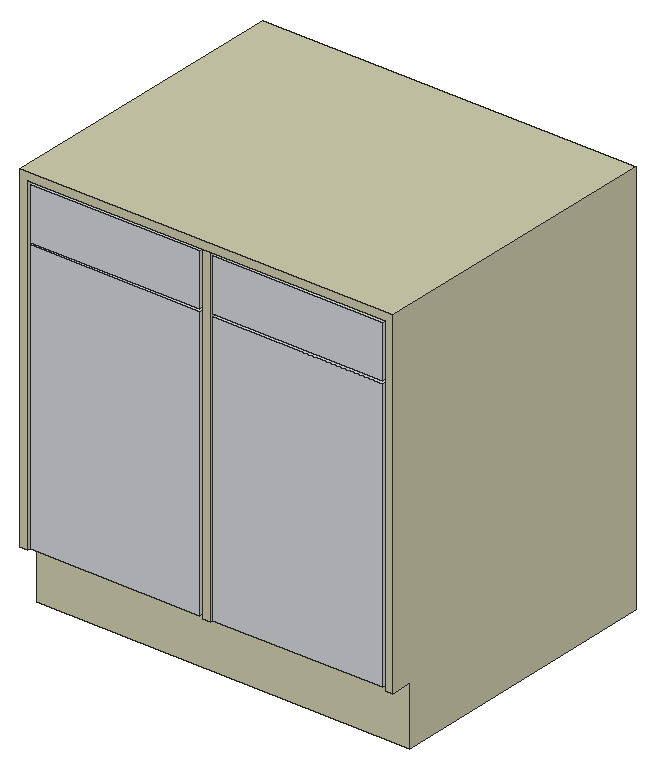
Revit family "Wenger Cabinet 62", category Furniture, Revit 2011
Parameters (values of type "Standard Cabinet #62")
  URL = "http://www.wengercorp.com/Home/Contact.html"
  Toekick Material [instance] = none
  Model = "62"
  Manufacturer = "Wenger Corporation"
  End Panel Material [instance] = none
  Edge Banding Material [instance] = none
  Door Material [instance] = none
  Description = "Standard Cabinet #62"
  Cabinet Width = 3' - 0"
  Cabinet Label = Labels : Standard
  Cabinet Height = 3' - 2 5/16"
  Cabinet Depth = 2' - 5 1/4"
  Cabinet Back Thickness = 0' - 0 3/4"
  Assembly Code = ""
Reference planes (in)
  plane 1 "Front": y = 0
  plane 2: z = 0
  plane 3 "Left": x = 0
  plane 4 "Right": x = 36
  plane 5 "Back": y = 29.25
  plane 6 "Top": z = 38.3125
  plane 7: z = 5.625
  plane 8: z = 37.3125
  plane 9: x = 0.75
  plane 10: x = 35.25
  plane 11: z = 37.5625
  plane 12: x = 17.625
  plane 13: x = 18.375
  plane 14: y = 28.5
  plane 15: y = 2
  plane 16: y = 0.75
  plane 17: z = 32.3125
  plane 18: z = 5.8125
  plane 19: z = 32.0625
  plane 20: x = 35
  plane 21: x = 18.625
  plane 22: x = 17.375
  plane 23: x = 1
Forms (in)
  Extrusion 1, solid, material "Wenger - Oyster"
    sketch origin (0, 0, 0) x (0, 1, 0) y (0, 0, 1)
      loop
        line (0, 38.3125) -> (0, 5.625) -> (2, 5.625) -> (2, 0) -> (29.25, 0) -> (29.25, 38.3125) -> (0, 38.3125)
    from 0 to 36
  Extrusion 2, void
    sketch origin (0, 0, 0) x (0, 1, 0) y (0, 0, 1)
      loop
        line (-5.5, 37.5625) -> (-5.5, 5.625) -> (28.5, 5.625) -> (28.5, 37.5625) -> (-5.5, 37.5625)
    from 0.75 to 17.625
  Extrusion 3, void
    sketch origin (0, 0, 0) x (0, 1, 0) y (0, 0, 1)
      loop
        line (-5.5, 37.5625) -> (-5.5, 5.625) -> (28.5, 5.625) -> (28.5, 37.5625) -> (-5.5, 37.5625)
    from 18.375 to 35.25
  Extrusion 4, void
    sketch origin (0, 0, 0) x (0, 1, 0) y (0, 0, 1)
      loop
        line (0, 37.5625) -> (0, 5.625) -> (0.0625, 5.625) -> (0.0625, 37.5625) -> (0, 37.5625)
    from 0.75 to 35.25
  Extrusion 5, solid
    sketch origin (0, 0, 0) x (1, 0, 0) y (0, 0, 1)
      loop
        line (1, 37.3125) -> (1, 32.3125) -> (17.375, 32.3125) -> (17.375, 37.3125) -> (1, 37.3125)
      loop
        line (1, 32.0625) -> (1, 5.8125) -> (17.375, 5.8125) -> (17.375, 32.0625) -> (1, 32.0625)
      loop
        line (18.625, 5.8125) -> (35, 5.8125) -> (35, 32.0625) -> (18.625, 32.0625) -> (18.625, 5.8125)
      loop
        line (35, 32.3125) -> (35, 37.3125) -> (18.625, 37.3125) -> (18.625, 32.3125) -> (35, 32.3125)
    from 0 to -0.75
Cuts and joins
  Extrusion 2, Extrusion 3, Extrusion 4 cuts Extrusion 1
Lines and regions (in)
  symbolic lines
    curve 1: line (0, 29.25, 0) -> (36, 29.25, 0)
    curve 2: line (0, 0, 0) -> (0, 29.25, 0)
    curve 3: line (36, 0, 0) -> (0, 0, 0)
    curve 4: line (36, 29.25, 0) -> (36, 0, 0)
Dimensions and locks (in)
  locked: plane 3 "Left" to plane 9 at 0.75
  locked: plane 12 to plane 13 at 0.75
  locked: plane 10 to plane 4 "Right" at 0.75
  "Cabinet Back Thickness": plane 5 "Back" to plane 14
  locked: plane 1 "Front" to plane 16 at 0.75
  locked: plane 1 "Front" to plane 15 at 2
  locked: plane 6 "Top" to plane 11 at 0.75
  equal spacing: plane 10, plane 12, plane 3 "Left"
  "Cabinet Width": plane 3 "Left" to plane 4 "Right"
  locked: plane 7 to level at 5.625
  "Cabinet Height": plane 6 "Top" to level
  "Cabinet Depth": plane 1 "Front" to plane 5 "Back"
  plane 9 to plane 10 = 2' - 10 1/2"
  plane 11 to plane 7 = 2' - 7 15/16"
  plane 11 to plane 8 to plane 17 to plane 19 to plane 18 to plane 7 = 0' - 0 1/4", 0' - 5", 0' - 0 1/4", 2' - 2 1/4", 0' - 0 3/16"
  plane 23 to plane 9 = 0' - 0 1/4"
  plane 12 to plane 22 = 0' - 0 1/4"
  plane 21 to plane 13 = 0' - 0 1/4"
  plane 20 to plane 10 = 0' - 0 1/4"
  aligned and locked: Extrusion 1 sketch curve to plane 6 "Top"
  aligned and locked: Extrusion 1 sketch curve to plane 5 "Back"
  aligned and locked: Extrusion 1 sketch curve to plane 1 "Front"
  aligned and locked: Extrusion 1 sketch curve to plane 7
  aligned and locked: Extrusion 1 sketch curve to plane 15
  aligned and locked: Extrusion 1 sketch curve to level
  aligned and locked: Extrusion 1 to plane 4 "Right"
  aligned and locked: Extrusion 1 to plane 3 "Left"
  aligned and locked: Extrusion 2 sketch curve to plane 11
  aligned and locked: Extrusion 2 sketch curve to plane 14
  aligned and locked: Extrusion 2 to plane 9
  aligned and locked: plane 12 to Extrusion 2
  aligned and locked: Extrusion 3 to plane 10
  aligned and locked: Extrusion 4 sketch curve to cut or joined group of Extrusion 1, Extrusion 2, Extrusion 3, Extrusion 4  (x3)
  aligned and locked: Extrusion 4 to plane 10
  aligned and locked: Extrusion 4 to plane 9
  aligned and locked: plane 3 "Left" to curve 2
  aligned and locked: curve 1 to plane 5 "Back"
  aligned and locked: plane 4 "Right" to curve 4
  aligned and locked: curve 3 to plane 1 "Front"
  aligned and locked: Extrusion 3 to plane 13
Automatic sketch dimensions
  Extrusion 2 sketch curve to plane 7 = 0' - 0"
  plane 1 "Front" to Extrusion 2 sketch curve = 0' - 5 1/2"
  Extrusion 3 sketch curve to plane 11 = 0' - 0"
  Extrusion 3 sketch curve to plane 7 = 0' - 0"
  plane 1 "Front" to Extrusion 3 sketch curve = 0' - 5 1/2"
  plane 16 to Extrusion 4 sketch curve = 0' - 0 11/16"
  Extrusion 3 sketch curve to plane 14 = 0' - 0"
  Extrusion 5 sketch curve to plane 8 = 0' - 0"  (x2)
  Extrusion 5 sketch curve to plane 23 = 0' - 0"  (x2)
  Extrusion 5 sketch curve to plane 18 = 0' - 0"  (x2)
  Extrusion 5 sketch curve to plane 19 = 0' - 0"  (x2)
  Extrusion 5 sketch curve to plane 22 = 0' - 0"  (x2)
  plane 21 to Extrusion 5 sketch curve = 0' - 0"  (x2)
  Extrusion 5 sketch curve to plane 17 = 0' - 0"  (x2)
  plane 20 to Extrusion 5 sketch curve = 0' - 0"  (x2)
Nested families (in)
  nested 1: "Labels" at (18.375, 15.25, 0), type <- "Cabinet Label", type "Standard"
  nested 2: "Front Note" at (17.625, 0.75, 0), type "Front Note", detail levels medium+fine
Definition of nested family "Labels"
  Parameters (values of type "Standard")
    Cabinet Label = "01"
  Types (4): name | Cabinet Label
    Standard | "01"
    Narrow | "01N"
    Narrow Acoustic | "01NA"
    Acoustic | "01A"
  Reference planes (in)
    plane 1: y = 0
    plane 2: x = 0
  Text (in)
    label "xxxx" at (-0.00018, 0.00754, 0), shows "Cabinet Label"
Definition of nested family "Front Note"
  Parameters (values of type "Front Note")
    Cabinet Label = "Front"
  Reference planes (in)
    plane 1: y = 0
    plane 2: x = 0
  Text (in)
    label "Front" at (-0.00018, 0.00754, 0), shows "Cabinet Label"
